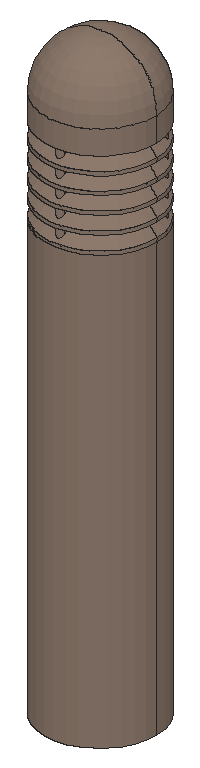
Revit family "BL6041", category Generic Models, Revit 2014
Parameters
  TOP CAP = Bronze, Architectural
  LOUVERS 2 = Bronze, Architectural
  LOUVERS = Bronze, Architectural
  LENS = Acrylic
  DISK LOUVERS = Bronze, Architectural
  BODY = Bronze, Architectural
Reference planes (in)
  plane 1 "Center (Front/Back)": y = 0
  plane 2: z = 0
  plane 3 "Center (Left/Right)": x = 0
Forms (in)
  Revolve 1, solid, material "Bronze, Architectural" <- "BODY"
    sketch origin (0, 0, 0) x (1, 0, 0) y (0, 0, 1)
      loop
        line (0, 31.04821) -> (0, 0) -> (4, 0) -> (4, 31.04821) -> (0, 31.04821)
      axis (0, 31.04821) -> (0, 0)
    angle from 0 to 360
  Revolve 2, solid, material "Bronze, Architectural" <- "TOP CAP"
    sketch origin (0, 0, -0.00542) x (1, 0, 0) y (0, 0, 1)
      loop
        line (0, 43.00038) -> (0, 37.30038) -> (4, 37.30038) -> (4, 39.00038)
        arc (4, 39.00038) -> (2.82843, 41.8288) -> (0, 43.00038) r 4
      axis (0, 37.30038) -> (0, 43.00038)
    angle from 0 to 360
  Revolve 3, solid, material "Bronze, Architectural" <- "DISK LOUVERS"
    sketch origin (0, 0, 0.99798) x (1, 0, 0) y (0, 0, 1)
      loop
        line (-3.125, 31.30023) -> (-4, 30.30023) -> (-4, 30.05023) -> (-3.875, 30.05023) -> (-3.86627, 30.30023) -> (-3.0625, 31.00023) -> (0, 31.00023) -> (0, 31.30023) -> (-3.125, 31.30023)
      axis (0, 31.30023) -> (0, 30.05023)
    angle from 0 to 360
  Revolve 4, solid, material "Bronze, Architectural" <- "DISK LOUVERS"
    sketch origin (0, 0, 2.24798) x (1, 0, 0) y (0, 0, 1)
      loop
        line (-3.125, 31.30023) -> (-4, 30.30023) -> (-4, 30.05023) -> (-3.875, 30.05023) -> (-3.86627, 30.30023) -> (-3.0625, 31.00023) -> (0, 31.00023) -> (0, 31.30023) -> (-3.125, 31.30023)
      axis (0, 31.30023) -> (0, 30.05023)
    angle from 0 to 360
  Revolve 5, solid, material "Bronze, Architectural" <- "DISK LOUVERS"
    sketch origin (0, 0, 3.49798) x (1, 0, 0) y (0, 0, 1)
      loop
        line (-3.125, 31.30023) -> (-4, 30.30023) -> (-4, 30.05023) -> (-3.875, 30.05023) -> (-3.86627, 30.30023) -> (-3.0625, 31.00023) -> (0, 31.00023) -> (0, 31.30023) -> (-3.125, 31.30023)
      axis (0, 31.30023) -> (0, 30.05023)
    angle from 0 to 360
  Revolve 6, solid, material "Bronze, Architectural" <- "DISK LOUVERS"
    sketch origin (0, 0, 4.74798) x (1, 0, 0) y (0, 0, 1)
      loop
        line (-3.125, 31.30023) -> (-4, 30.30023) -> (-4, 30.05023) -> (-3.875, 30.05023) -> (-3.86627, 30.30023) -> (-3.0625, 31.00023) -> (0, 31.00023) -> (0, 31.30023) -> (-3.125, 31.30023)
      axis (0, 31.30023) -> (0, 30.05023)
    angle from 0 to 360
  Revolve 7, solid, material "Bronze, Architectural" <- "DISK LOUVERS"
    sketch origin (0, 0, 5.99798) x (1, 0, 0) y (0, 0, 1)
      loop
        line (-3.125, 31.30023) -> (-4, 30.30023) -> (-4, 30.05023) -> (-3.875, 30.05023) -> (-3.86627, 30.30023) -> (-3.0625, 31.00023) -> (0, 31.00023) -> (0, 31.30023) -> (-3.125, 31.30023)
      axis (0, 31.30023) -> (0, 30.05023)
    angle from 0 to 360
  Extrusion 8, solid, material "Bronze, Architectural" <- "DISK LOUVERS"
    sketch origin (34.93986, 42.64127, 27.99798) x (0, -1, 0) y (1, 0, 0)
      loop
        line (46.1548, -34.63659) -> (45.74042, -34.53361)
        arc (45.74042, -34.53361) -> (45.76694, -34.93986) -> (45.74042, -35.34611) r 3.125
        line (45.74042, -35.34611) -> (46.1548, -35.24314)
        arc (46.1548, -35.24314) -> (46.39194, -34.93986) -> (46.1548, -34.63659) r 0.3125
    from 2.80023 to 9.50023
  Extrusion 9, solid, material "Acrylic" <- "LENS"
    sketch origin (0, 0, 0.99798) x (1, 0, 0) y (0, 1, 0)
      loop
        circle (0, 0) r 3.0625
    from 29.80023 to 37.18523
  Extrusion 10, solid, material "Bronze, Architectural" <- "DISK LOUVERS"
    sketch origin (19.45849, -51.57944, 27.99798) x (-0.866025, 0.5, 0) y (-0.5, -0.866025, 0)
      loop
        line (46.1548, -34.63659) -> (45.74042, -34.53361)
        arc (45.74042, -34.53361) -> (45.76694, -34.93986) -> (45.74042, -35.34611) r 3.125
        line (45.74042, -35.34611) -> (46.1548, -35.24314)
        arc (46.1548, -35.24314) -> (46.39194, -34.93986) -> (46.1548, -34.63659) r 0.3125
    from 2.80023 to 9.50023
  Extrusion 11, solid, material "Bronze, Architectural" <- "DISK LOUVERS"
    sketch origin (-54.39835, 8.93818, 27.99798) x (0.866025, 0.5, 0) y (-0.5, 0.866025, 0)
      loop
        line (46.1548, -34.63659) -> (45.74042, -34.53361)
        arc (45.74042, -34.53361) -> (45.76694, -34.93986) -> (45.74042, -35.34611) r 3.125
        line (45.74042, -35.34611) -> (46.1548, -35.24314)
        arc (46.1548, -35.24314) -> (46.39194, -34.93986) -> (46.1548, -34.63659) r 0.3125
    from 2.80023 to 9.50023
Dimensions and locks (in)
  aligned and locked: plane 2 to level
